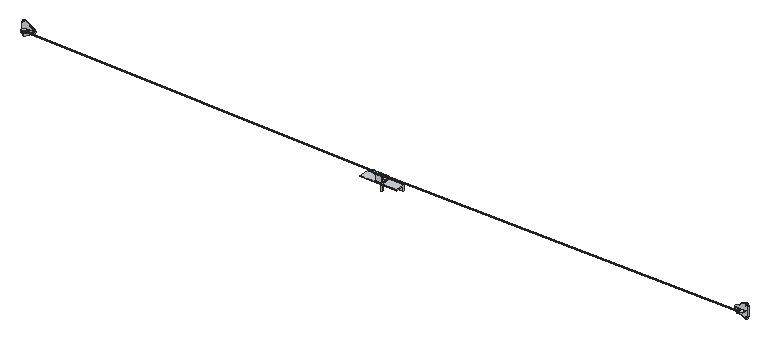
Revit family "FallProtection_StaticLine_Kattsafe_WallMount", category Specialty Equipment, Revit 2025
Family settings
  Round Connector Dimension = Use Diameter
  Part Type = Normal
  OmniClass Number = 23.27.71.21
  Enable Cutting in Views = No
  Cut with Voids When Loaded = No
  Maintain Annotation Orientation = No
  Shared = No
  Room Calculation Point = No
Parameters (values of type "Max 2 Users")
  Uniclass2015Version = "Products v1.23"
  Uniclass2015Title = "Fall arrester devices"
  Uniclass2015Code = "Pr_40_70_75_29"
  URL = "https://kattsafe.com.au/"
  Type IFC Predefined Type = "USERDEFINED"
  Type Comments = "Static Line System - Wall Mount (SL5) - 2 Users Max"
  SafetyDisclaimer [instance] = "WARNING! The correct placement of access, fall protection and facade maintenance systems is critical to ensure it is fit-for-purpose and safe for the operator to use. Did you know Kattsafe® have a dedicated team of Height Safety System Design Specialists? Kattsafe® provide one-on-one consultation and system design assistance to ensure you are meeting the stringent requirements of height safety and to give you PEACE OF MIND with your project."  # constant formula
  ModifiedIssue = 20240430
  Model = "SL5"  # constant formula
  Material = Steel_Stainless_Kattsafe_Satin
  ManufacturerURLProductSpecific = "https://kattsafe.com.au/products/static-lines/Wall-mount-static-line-system-sl5"
  ManufacturerSpecCode = Model  # "SL5"
  ManufacturerOverallLength [instance] = [built-in parameter 1001306]  # 8001 mm
  ManufacturerHeightFromFFL [instance] = 1000 mm
  Manufacturer = "Kattsafe®"  # constant formula
  LineRightOffsetHeightCalc2 [instance] = if(LineOffsetHeightEnd2 > 0 mm, 0 mm, LineRightOffsetHeightCalc1 * 2)  # 0 mm
  LineRightOffsetHeightCalc1 [instance] = if(LineOffsetHeightEnd2 > 0 mm, LineOffsetHeightEnd2, LineOffsetHeightEnd2 - LineOffsetHeightEnd2 * 2)  # 0 mm
  LineOffsetHeightEnd2 [instance] = 0 mm
  LineLeftOffsetHeightCalc2 [instance] = if(LineOffsetHeightEnd1 > 0 mm, 0 mm, LineLeftOffsetHeightCalc1 * 2)  # 0 mm
  LineLeftOffsetHeightCalc1 [instance] = if(LineOffsetHeightEnd1 > 0 mm, LineOffsetHeightEnd1, LineOffsetHeightEnd1 - LineOffsetHeightEnd1 * 2)  # 0 mm
  LineOffsetHeightEnd1 [instance] = 0 mm
  IntermediateSpacingLengthCalc [instance] = if(MaxIntermediateSpacingLength < 5000 mm, 5000 mm, if(MaxIntermediateSpacingLength > 8000 mm, 8000 mm, MaxIntermediateSpacingLength))  # 8000 mm
  MaxIntermediateSpacingLength = 8000 mm
  IntermediateQuantity [instance] = EndLengthCalc3 - 2  # 1
  IntermediateOption [instance] = if(and([built-in parameter 1001306] < (MaxIntermediateSpacingLength * 2) + 1 mm, [built-in parameter 1001306] > MaxIntermediateSpacingLength), 1 > 0, 1 < 0)  # yes
  IntermediateNumberOfCalc3 [instance] = if(and(IntermediateNumberOfCalc1 > IntermediateNumberOfCalc2, [built-in parameter 1001306] > MaxIntermediateSpacingLength * 2), rounddown(IntermediateNumberOfCalc2), if([built-in parameter 1001306] < (MaxIntermediateSpacingLength * 2) + 1 mm, 2, IntermediateNumberOfCalc1))  # 2
  IntermediateNumberOfCalc2 [instance] = ((IntermediateLength - 1 mm) / IntermediateSpacingLengthCalc) + 2  # 1
  IntermediateNumberOfCalc1 [instance] = ((IntermediateLength - 1 mm) / IntermediateSpacingLengthCalc) + 2  # 1
  built-in parameter 1001306 [instance] = 8001 mm
  IntermediateLineOption [instance] = if([built-in parameter 1001306] < ((MaxIntermediateSpacingLength * 2) + 1 mm), 1 < 0, 1 > 0)  # no
  IntermediateLineEndCalcOption [instance] = if([built-in parameter 1001306] < (MaxIntermediateSpacingLength + 1 mm), 1 > 0, 1 < 0)  # no
  IntermediateLength [instance] = [built-in parameter 1001306] - (IntermediateSpacingLengthCalc * 2)  # -7999 mm
  IntermediateLineEndOption [instance] = if([built-in parameter 1001306] < (MaxIntermediateSpacingLength + 1 mm), 1 < 0, 1 > 0)  # yes
  IfcExportType = "USERDEFINED"
  IfcExportAs = "IfcBuildingElementProxy"
  Export Type to IFC As = "IfcBuildingElementProxy"
  EndLengthCalc3 [instance] = if(EndLengthCalc1 > EndLengthCalc2, rounddown(EndLengthCalc2), EndLengthCalc1)  # 3
  EndLengthCalc2 [instance] = (([built-in parameter 1001306] - 1 mm) / MaxIntermediateSpacingLength) + 2  # 3
  EndLengthCalc1 [instance] = (([built-in parameter 1001306] - 1 mm) / MaxIntermediateSpacingLength) + 2  # 3
  EndLength [instance] = [built-in parameter 1001306] / (EndLengthCalc3 - 1)  # 4000.5 mm
  End2Condition [instance] = SL5_End_Option : End Stanchion (SL206)
  End1Condition [instance] = SL5_End_Option : End Stanchion (SL206)
  ElementType = "Fall Protection"
  Description = "Kattsafe fall arrest static lines maintain continuous attachment for multiple workers navigating roof structures at heights. The unique surface mount technology provides the flexibility to mount to many roof deck profiles, without requiring the traditional method of additional structure steel."  # constant formula
  IntermediateArrayOption [instance] = if([built-in parameter 1001306] < (MaxIntermediateSpacingLength * 2) + 1 mm, 1 < 0, 1 > 0)  # no
  Default Elevation = 0 mm
  CreatedBy = "IGS BIM Solutions"  # constant formula
  CreatedByURL = "https://igsgroup.com.au"
  Assembly Code = "E1090100"
Reference planes
  plane 1 "Center (Front/Back)": y = 0
  plane 2 "Bottom": z = 0
  plane 3 "Left": x = 0
  plane 4 "Right": x = 8001
  plane 5 "Intermediate_Array_Left": x = 4000.5
  plane 6 "Intermediate_Array_Right": x = 4000.5
  plane 7 "Intermediate_Line_Centre (Elevation)": z = 1000
  plane 8 "Back": y = 92.5
  plane 9 "End_Left": z = 1000
  plane 10 "End_Left_Calc": z = 1000
  plane 11 "End_Right": z = 1000
  plane 12 "End_Right_Calc": z = 1000
Forms (mm)
  Sweep 1, solid, material "Steel_Stainless_Kattsafe_Satin" <- "Material", visible <- "IntermediateLineOption"
    path origin (329.7, 0, 1000) x (-1, 0, 0) y (0, -1, 0)
      loop
        line (-3669.8, 0) -> (-3671.8, 0)
    profile origin (4000.5, 0, 1000) x (0, 1, 0) y (0, 0, 1)
      loop
        circle (0, 0) r 4
  SweptBlend 2, solid, material "Steel_Stainless_Kattsafe_Satin" <- "Material", visible <- "IntermediateLineEndOption"
    path origin (0, 0, 1000) x (-1, 0, 0) y (0, -1, 0)
      loop
        line (-63.8, -40.1) -> (-4000.5, 0)
    profile origin (63.8, 40.1, 1000) x (0.010186, 0.999948, 0) y (0, 0, 1)
      loop
        circle (0, 0) r 4
    end profile origin (4000.5, 0, 1000) x (0.010186, 0.999948, 0) y (0, 0, 1)
      loop
        circle (0.016, 0) r 4
  SweptBlend 3, solid, material "Steel_Stainless_Kattsafe_Satin" <- "Material", visible <- "IntermediateLineEndOption"
    path origin (0, 0, 1000) x (-1, 0, 0) y (0, -1, 0)
      loop
        line (-4000.5, 0) -> (-7937.2, -40.1)
    profile origin (4000.5, 0, 1000) x (-0.010186, 0.999948, 0) y (0, 0, 1)
      loop
        circle (0, 0) r 4
    end profile origin (7937.2, 40.1, 1000) x (-0.010186, 0.999948, 0) y (0, 0, 1)
      loop
        circle (-0.002, 0) r 4
  SweptBlend 4, solid, material "Steel_Stainless_Kattsafe_Satin" <- "Material", visible <- "IntermediateLineEndCalcOption"
    path origin (0, 0, 1000) x (-1, 0, 0) y (0, -1, 0)
      loop
        line (-63.8, -40.1) -> (-7937.2, -40.1)
    profile origin (63.8, 40.1, 1000) x (0, 1, 0) y (0, 0, 1)
      loop
        circle (0, 0) r 4
    end profile origin (7937.2, 40.1, 1000) x (0, 1, 0) y (0, 0, 1)
      loop
        circle (0, 0) r 4
Lines and regions (mm)
  reference lines
    curve 1: line (0, 0, 0) -> (8001, 0, 0)
    curve 2: line (0, -500, 0) -> (0.961, -500, 0)
    curve 3: line (8001, -2000, 0) -> (7999.961, -2000, 0)
    curve 4: line (0, 92.5, 1000) -> (1, 92.5, 1000)
    curve 5: line (8001, 92.5, 1000) -> (8000, 92.5, 1000)
Text (mm)
  text "Disclaimer:\nDue to ongoing product development and manufacturing \nevolution, product details are subject to change without \nnotice. Please refer to product technical data sheets on \nthe manufacturers website for the most current product \ninformation. Please allow a +/- 5mm manufacturing \ntolerance for dimensions and set-outs shown in product \nliterature." at (12819.531, 3509.039, 0), in view "Ref. Level"
Dimensions and locks
  "built-in parameter 1001306": plane 3 "Left" to plane 4 "Right"
  "EndLength": plane 3 "Left" to plane 5 "Intermediate_Array_Left"
  "EndLength": plane 6 "Intermediate_Array_Right" to plane 4 "Right"
  locked: plane 5 "Intermediate_Array_Left" to Sweep 1 sketch curve at 1
  locked: plane 6 "Intermediate_Array_Right" to Sweep 1 sketch curve at 1
  "ManufacturerHeightFromFFL": plane 7 "Intermediate_Line_Centre (Elevation)" to plane 2 "Bottom"
  group 1 to group 2 = 0 mm  (x3)
  "LineLeftOffsetHeightCalc2": plane 7 "Intermediate_Line_Centre (Elevation)" to plane 10 "End_Left_Calc"
  "LineLeftOffsetHeightCalc1": plane 9 "End_Left" to plane 10 "End_Left_Calc"
  "LineRightOffsetHeightCalc2": plane 7 "Intermediate_Line_Centre (Elevation)" to plane 12 "End_Right_Calc"
  "LineRightOffsetHeightCalc1": plane 11 "End_Right" to plane 12 "End_Right_Calc"
  radius of Sweep 1 sketch curve = 4 mm
  aligned and locked: plane 4 "Right" to curve 1
  aligned and locked: plane 1 "Center (Front/Back)" to curve 1
  aligned and locked: plane 3 "Left" to curve 1
  aligned and locked: level to plane 2 "Bottom"
  aligned and locked: plane 5 "Intermediate_Array_Left" to SweptBlend 2 sketch curve
  aligned and locked: plane 7 "Intermediate_Line_Centre (Elevation)" to SweptBlend 2 sketch curve
  aligned and locked: curve 3 to plane 4 "Right"
  aligned and locked: plane 6 "Intermediate_Array_Right" to SweptBlend 3 sketch curve
  aligned and locked: profile plane to SweptBlend 3 sketch curve
  aligned and locked: plane 8 "Back" to nested 1
  aligned and locked: plane 5 "Intermediate_Array_Left" to nested 1
  aligned and locked: plane 6 "Intermediate_Array_Right" to nested 3
  aligned and locked: plane 8 "Back" to nested 3
  aligned and locked: plane 8 "Back" to nested 2
  aligned and locked: plane 5 "Intermediate_Array_Left" to nested 2
  aligned and locked: plane 3 "Left" to curve 4
  aligned and locked: curve 4 to plane 9 "End_Left"
  aligned and locked: plane 3 "Left" to nested 4
  aligned and locked: nested 4 to plane 9 "End_Left"
  aligned and locked: nested 2 to plane 7 "Intermediate_Line_Centre (Elevation)"
  aligned and locked: nested 3 to plane 7 "Intermediate_Line_Centre (Elevation)"
  aligned and locked: nested 1 to plane 7 "Intermediate_Line_Centre (Elevation)"
  aligned and locked: nested 4 to SweptBlend 2 sketch curve  (x3)
  aligned and locked: nested 4 to SweptBlend 4 sketch curve  (x3)
  aligned and locked: plane 4 "Right" to curve 5
  aligned and locked: plane 11 "End_Right" to curve 5
  aligned and locked: plane 4 "Right" to nested 5
  aligned and locked: plane 11 "End_Right" to nested 5
  aligned and locked: nested 5 to SweptBlend 3 sketch curve  (x3)
  aligned and locked: nested 5 to SweptBlend 4 sketch curve  (x3)
  aligned and locked: plane 1 "Center (Front/Back)" to SweptBlend 3 sketch curve
Automatic sketch dimensions
  Sweep 1 sketch curve to profile plane = 0 mm  (x2)
  plane 1 "Center (Front/Back)" to Sweep 1 sketch curve = 0 mm
  SweptBlend 2 sketch curve to profile plane = 0 mm
  SweptBlend 2 sketch curve to profile plane = 0.016 mm
  plane 3 "Left" to curve 2 = 0.961 mm
  curve 3 to plane 4 "Right" = 1.039 mm
  profile plane to SweptBlend 3 sketch curve = 0 mm
  profile plane to SweptBlend 3 sketch curve = 0.002 mm
  curve 2 to plane 3 "Left" = 0 mm
  SweptBlend 4 sketch curve to profile plane = 0 mm
  profile plane to SweptBlend 4 sketch curve = 0 mm
  plane 1 "Center (Front/Back)" to curve 2 = 500 mm
  plane 1 "Center (Front/Back)" to curve 3 = 2000 mm
  plane 1 "Center (Front/Back)" to SweptBlend 2 sketch curve = 0 mm
  curve 5 to plane 4 "Right" = 1 mm
  plane 3 "Left" to curve 4 = 1 mm
  radius of SweptBlend 2 sketch curve = 4 mm  (x2)
  radius of SweptBlend 3 sketch curve = 4 mm  (x2)
  radius of SweptBlend 4 sketch curve = 4 mm  (x2)
Nested families
  nested 1: "Static Line Fixing_Kattsafe_Wall Mount Intermediate" at (4000.5, 92.5, 844) x (1, 0, 0) z (0, -1, 0), visible <- "IntermediateArrayOption", type "SL210W"
    with Offset From Face 0 mm
  nested 2: "Static Line Fixing_Kattsafe_Wall Mount Intermediate" at (4000.5, 92.5, 844) x (1, 0, 0) z (0, -1, 0), visible <- "IntermediateOption", type "SL210W"
    with Offset From Face 0 mm
  nested 3: "Static Line Fixing_Kattsafe_Wall Mount Intermediate" at (4000.5, 92.5, 844) x (1, 0, 0) z (0, -1, 0), visible <- "IntermediateArrayOption", type "SL210W"
    with Offset From Face 0 mm
  nested 4: "SL5_End_Option" at (1162, 92.5, 961) x (1, 0, 0) z (0, -1, 0), type <- "End1Condition", type "End Stanchion (SL206)"
    with End Stanchion_Option yes, Corner_Outside_Option no
  nested 5: "SL5_End_Option" at (6839, 92.5, 961) x (-1, 0, 0) z (0, -1, 0), type <- "End2Condition", type "End Stanchion (SL206)"
    with End Stanchion_Option yes, Corner_Outside_Option no
Definition of nested family "Static Line Fixing_Kattsafe_Wall Mount Intermediate"
  Parameters (values of type "SL210W")
    URL = "https://kattsafe.com.au/"
    Offset From Face [instance] = 0 mm
    Model = "SL210W"
    Material = none
    ManufacturerURLProductSpecific = ""
    ManufacturerOverallWidth = 190 mm  # constant formula
    ManufacturerOverallHeight = 75 mm  # constant formula
    ManufacturerOverallDepth = 193 mm  # constant formula
    Manufacturer = "SAYFA"  # constant formula
    Description = "TRAVEL8 Wall Mount Intermediate Bracket - 1.1kg"
    Default Elevation = 0 mm  # constant formula
    CreatedBy = "IGS BIM Solutions"  # constant formula
    CreatedByURL = "https://igsgroup.com.au/"
  Reference planes
    plane 1 "Plate_Top": y = 67
    plane 2 "Ref. Level": z = 0
    plane 3 "Center (Left/Right)": x = 0
    plane 4 "Front": y = -29.5
    plane 5 "Back": y = 163.5
    plane 6 "Right": x = 95
    plane 7 "Left": x = -95
    plane 8 "Anchor Plate Top": z = 6
    plane 9 "Center (Front/Back)": z = 92.5
    plane 10 "Base": z = 0
    plane 11 "Top": z = 100
    plane 12 "Centre of Bolt": z = 51.362
    plane 13 "Bottom Of Corner": z = 25
    plane 14 "Center (Elevation)": y = 156
  Forms (mm)
    Extrusion 1, solid
      sketch origin (0, 0, 0) x (1, 0, 0) y (0, 1, 0)
        loop
          line (-95, 45.5) -> (-95, -29.5) -> (95, -29.5) -> (95, 45.5) -> (-95, 45.5)
      from 0 to -100
    Extrusion 2, solid, material <- "Material"
      sketch origin (0, 0, 0) x (0, 1, 0) y (0, 0, 1)
        loop
          line (67, 25) -> (70, 25) -> (70, 89)
          arc (70, 89) -> (70.879, 91.121) -> (73, 92) r 3
          line (73, 92) -> (140.694, 92)
          arc (140.694, 92) -> (141.215, 91.954) -> (141.72, 91.819) r 3
          line (141.72, 91.819) -> (149.249, 89.234)
          arc (149.249, 89.234) -> (148.69, 90.825) -> (148.5, 92.5) r 7.5
          arc (148.5, 92.5) -> (148.897, 94.907) -> (150.045, 97.059) r 7.5
          line (150.045, 97.059) -> (141.72, 95.181)
          arc (141.72, 95.181) -> (141.215, 95.046) -> (140.694, 95) r 3
          line (140.694, 95) -> (70, 95)
          arc (70, 95) -> (67.879, 94.121) -> (67, 92) r 3
          line (67, 92) -> (67, 25)
      from -40 to 40
    Revolve 3, solid, material <- "Material"
      sketch origin (0, 73, 51.362) x (0, 1, 0) y (-1, 0, 0)
        loop
          line (-102.5, 0) -> (-102.5, -6) -> (27.5, -6) -> (27.5, 0) -> (-102.5, 0)
        axis (27.5, 0) -> (-102.5, 0)
      angle from 0 to 360
    Extrusion 4, solid, material <- "Material"
      sketch origin (0, 70, 89) x (0, 0, -1) y (-1, 0, 0)
        loop
          circle (37.638, 0) r 16
        loop
          circle (37.638, 0) r 6
      from 0 to 3
    Extrusion 5, solid, material <- "Material"
      sketch origin (0, 73, 89) x (0, 0, -1) y (-1, 0, 0)
        loop
          circle (37.638, 0) r 9
        loop
          circle (37.638, 0) r 6
      from 0 to 3
    Extrusion 6, solid, material <- "Material"
      sketch origin (0, 76, 89) x (0, 0, -1) y (-1, 0, 0)
        loop
          line (30.638, 4.041) -> (30.638, -4.041) -> (37.638, -8.083) -> (44.638, -4.041) -> (44.638, 4.041) -> (37.638, 8.083) -> (30.638, 4.041)
        loop
          circle (37.638, 0) r 6
      from 0 to 6
    Sweep 7, solid, material <- "Material"
      path origin (370.395, -43.194, 0) x (0, 1, 0) y (-1, 0, 0)
        loop
          line (110.194, 570.395) -> (110.194, 170.395)
      profile origin (0, 67, 0) x (0, 1, 0) y (0, 0, 1)
        loop
          line (-50, 0) -> (0, 0) -> (0, 100) -> (-6, 100) -> (-6, 6) -> (-50, 6) -> (-50, 0)
    Revolve 8, solid, material <- "Material"
      sketch origin (-1524, 277.61, 92.5) x (-1, 0, 0) y (0, -1, 0)
        loop
          line (-1619, 116.61) -> (-1609.919, 114.845)
          arc (-1609.919, 114.845) -> (-1606.121, 114.294) -> (-1602.287, 114.11) r 40
          line (-1602.287, 114.11) -> (-1445.713, 114.11)
          arc (-1445.713, 114.11) -> (-1441.879, 114.294) -> (-1438.081, 114.845) r 40
          line (-1438.081, 114.845) -> (-1429, 116.61) -> (-1619, 116.61)
        axis (-1429, 121.61) -> (-1619, 121.61)
      angle from 0 to 360
    Extrusion 9, void
      sketch origin (0, 70, 89) x (0, 0, -1) y (-1, 0, 0)
        loop
          line (64, -40) -> (64, -10)
          arc (64, -10) -> (55.213, -31.213) -> (34, -40) r 30
          line (34, -40) -> (64, -40)
        loop
          line (64, 40) -> (34, 40)
          arc (34, 40) -> (55.213, 31.213) -> (64, 10) r 30
          line (64, 10) -> (64, 40)
      from -3 to 0
    Extrusion 10, void
      sketch origin (0, 70, 95) x (0, 1, 0) y (-1, 0, 0)
        loop
          line (3, -40) -> (69.626, -40)
          arc (69.626, -40) -> (36.313, -30.78) -> (3, -40) r 64.791
        loop
          arc (3, 40) -> (36.313, 30.78) -> (69.626, 40) r 64.791
          line (69.626, 40) -> (3, 40)
      from -3 to 0
  Cuts and joins
    Extrusion 9, Extrusion 10 cuts Extrusion 2
    joined: Revolve 3, Sweep 7
  Text (mm)
    text "> Contact Manufacturer to confirm feasibility of design variations outside the scope of this Revit Family\n\nDisclaimer:\nDue to ongoing product development and manufacturing evolution, product details are subject to change without notice. Please refer to product technical data sheets on the manufacturers website for the most current product information. Please allow a +/- 5mm manufacturing tolerance for dimensions and set-outs shown in product literature." at (269.621, 156.171, 0), in view "Ref. Level"
  Dimensions and locks
    "Offset From Face": plane 10 "Base" to level
    locked: plane 10 "Base" to plane 8 "Anchor Plate Top" at 6
    "ManufacturerOverallDepth": plane 5 "Back" to plane 4 "Front"
    equal spacing: plane 4 "Front", plane 1 "Plate_Top", plane 5 "Back"
    "ManufacturerOverallWidth": plane 7 "Left" to plane 6 "Right"
    equal spacing: plane 7 "Left", plane 3 "Center (Left/Right)", plane 6 "Right"
    locked: plane 10 "Base" to plane 11 "Top" at 100
    locked: plane 13 "Bottom Of Corner" to plane 11 "Top" at 75
    locked: plane 9 "Center (Front/Back)" to plane 11 "Top" at 7.5
    locked: plane 11 "Top" to plane 12 "Centre of Bolt" at 48.638
    aligned and locked: plane 2 "Ref. Level" to Extrusion 1
    aligned and locked: level to Extrusion 1
    aligned and locked: Extrusion 2 to Extrusion 9
    aligned and locked: Extrusion 9 to Extrusion 2
    aligned and locked: Extrusion 10 to cut or joined group of Extrusion 2, Extrusion 9, Extrusion 10
    aligned and locked: cut or joined group of Extrusion 2, Extrusion 9, Extrusion 10 to Extrusion 10
  Automatic sketch dimensions
    Extrusion 1 sketch curve to Extrusion 1 sketch curve = 190 mm
    Extrusion 1 sketch curve to Extrusion 1 sketch curve = 75 mm
    Extrusion 4 sketch curve to Extrusion 4 sketch curve = 0 mm  (x2)
    Extrusion 4 sketch curve to Extrusion 2 = 26.362 mm
    Extrusion 2 to Extrusion 4 sketch curve = 40 mm
    Extrusion 6 sketch curve to Extrusion 6 sketch curve = 0 mm  (x2)
    Extrusion 6 sketch curve to Extrusion 6 sketch curve = 7 mm  (x2)
    Extrusion 6 sketch curve to Extrusion 6 sketch curve = 4.041 mm  (x3)
    Extrusion 6 sketch curve to Extrusion 6 sketch curve = 8.083 mm  (x3)
    Sweep 7 sketch curve to plane 1 "Plate_Top" = 0 mm
    Sweep 7 sketch curve to plane 6 "Right" = 105 mm
    Sweep 7 sketch curve to plane 7 "Left" = 105 mm
    plane 10 "Base" to Sweep 7 sketch curve = 0 mm
    profile plane to Sweep 7 sketch curve = 50 mm
    Sweep 7 sketch curve to plane 10 "Base" = 6 mm
    Sweep 7 sketch curve to Sweep 7 sketch curve = 6 mm
    profile plane to Sweep 7 sketch curve = 0 mm
    Sweep 7 sketch curve to Sweep 7 sketch curve = 94 mm
    Extrusion 2 sketch curve to plane 1 "Plate_Top" = 0 mm
    plane 13 "Bottom Of Corner" to Extrusion 2 sketch curve = 0 mm
    plane 9 "Center (Front/Back)" to Extrusion 2 sketch curve = 0 mm
    Extrusion 2 sketch curve to plane 1 "Plate_Top" = 3 mm  (x2)
    Extrusion 2 sketch curve to Extrusion 2 sketch curve = 3 mm
    plane 9 "Center (Front/Back)" to Extrusion 2 sketch curve = 0.5 mm  (x2)
    Extrusion 2 sketch curve to Extrusion 2 sketch curve = 0 mm  (x2)
    plane 9 "Center (Front/Back)" to Extrusion 2 sketch curve = 0.681 mm
    Extrusion 2 sketch curve to Extrusion 2 sketch curve = 1.026 mm  (x2)
    plane 9 "Center (Front/Back)" to Extrusion 2 sketch curve = 3.266 mm
    Extrusion 2 sketch curve to Extrusion 2 sketch curve = 7.528 mm
    Extrusion 2 sketch curve to plane 9 "Center (Front/Back)" = 2.681 mm
    plane 11 "Top" to Extrusion 2 sketch curve = 2.941 mm
    plane 5 "Back" to Extrusion 2 sketch curve = 7.5 mm
    Extrusion 2 sketch curve to Extrusion 2 sketch curve = 9.351 mm
    Revolve 3 sketch curve to plane 3 "Center (Left/Right)" = 0 mm  (x2)
    Revolve 3 sketch curve to plane 4 "Front" = 0 mm
    Revolve 3 sketch curve to plane 1 "Plate_Top" = 33.5 mm
    plane 3 "Center (Left/Right)" to Revolve 3 sketch curve = 6 mm
    Revolve 3 sketch curve to Revolve 3 sketch curve = 19 mm
    Revolve 3 sketch curve to Revolve 3 sketch curve = 30 mm
    Extrusion 9 sketch curve to Extrusion 2 = 0 mm  (x3)
    Extrusion 2 to Extrusion 9 sketch curve = 0 mm
    Extrusion 9 sketch curve to Extrusion 9 sketch curve = 30 mm
    Extrusion 9 sketch curve to Extrusion 9 sketch curve = 0 mm
    Extrusion 10 sketch curve to Extrusion 2 = 0 mm  (x2)
    Extrusion 2 to Extrusion 10 sketch curve = 3 mm  (x2)
    Extrusion 10 sketch curve to Extrusion 2 = 34.381 mm  (x2)
    Extrusion 10 sketch curve to Extrusion 2 = 55.57 mm  (x2)
    Revolve 8 sketch curve to plane 6 "Right" = 0 mm
    plane 5 "Back" to Revolve 8 sketch curve = 0 mm
    Revolve 8 sketch curve to plane 7 "Left" = 0 mm
    plane 6 "Right" to Revolve 8 sketch curve = 0 mm
    plane 5 "Back" to Revolve 8 sketch curve = 0.735 mm  (x2)
    plane 6 "Right" to Revolve 8 sketch curve = 9.081 mm
    plane 6 "Right" to Revolve 8 sketch curve = 16.713 mm
    plane 7 "Left" to Revolve 8 sketch curve = 16.713 mm
    Revolve 8 sketch curve to Revolve 8 sketch curve = 7.632 mm
    plane 7 "Left" to Revolve 8 sketch curve = 0 mm
    plane 5 "Back" to Revolve 8 sketch curve = 2.5 mm
    Revolve 8 sketch curve to Revolve 8 sketch curve = 5 mm
    radius of Extrusion 4 sketch curve = 16 mm
    radius of Extrusion 4 sketch curve = 6 mm
    radius of Extrusion 4 to Extrusion 5 sketch curve = 3 mm
    radius of Extrusion 5 sketch curve to Extrusion 4 = 0 mm
    radius of Extrusion 6 sketch curve to Extrusion 5 = 0 mm
Definition of nested family "SL5_End_Option"
  Parameters (values of type "None")
    URL = "https://kattsafe.com.au/"
    None_Option = if(and(End_Option > 0, End_Option < 4), 1 < 0, 1 > 0)  # yes
    Model = ""
    Material = none
    ManufacturerURLProductSpecific = ""
    End_Option = 0
    Manufacturer = "Kattsafe®"  # constant formula
    End Stanchion_Option [instance] = if(End_Option = 1, 1 > 0, 1 < 0)  # no
    Description = ""
    Default Elevation = 0 mm  # constant formula
    CreatedBy = "IGS BIM Solutions"  # constant formula
    CreatedByURL = "https://igsgroup.com.au/"
    Corner_Outside_Option [instance] = if(End_Option = 2, 1 > 0, 1 < 0)  # no
    Corner_Intside_Option = if(End_Option = 3, 1 > 0, 1 < 0)  # no
    Cable_Offset_Length = 1 mm
    Cable_Offset_Height = 5 mm
  Types (4, lengths in mm): name | None_Option | End_Option | End Stanchion_Option | Corner_Outside_Option | Corner_Intside_Option | Cable_Offset_Length | Cable_Offset_Height
    None | yes | 0 | no | no | no | 1 | 5
    Corner_Inside (SL224W) | no | 3 | no | no | yes | 454 | 5
    Corner_Outside (SL224W) | no | 2 | no | yes | no | 268.97 | 5
    End Stanchion (SL206) | no | 1 | yes | no | no | 63.8 | 45.1
  Reference planes
    plane 1 "Center (Elevation)": y = 39
    plane 2 "Ref. Level": z = 0
    plane 3 "Left": x = -1162
    plane 4 "Bottom": z = 0
    plane 5 "Top": z = 97.5
    plane 6 "Center (Front/Back)": z = 92.5
    plane 7 "Right": x = -1161
  Forms (mm)
    Extrusion 1, solid
      sketch origin (0, 0, 0) x (1, 0, 0) y (0, 1, 0)
        loop
          line (-1162, 401) -> (-1162, -323) -> (-117, -323) -> (-117, 401) -> (-1162, 401)
      from 0 to -324
  Lines and regions (mm)
    model lines, visible <- "None_Option"
      curve 1: line (-1161, 39, 0) -> (-1162, 39, 0)
      curve 2: line (-1161, 39, 0) -> (-1161, 40, 0)
      curve 3: line (-1161, 40, 0) -> (-1162, 40, 0)
      curve 4: line (-1162, 40, 0) -> (-1162, 39, 0)
  Dimensions and locks
    locked: plane 5 "Top" to plane 4 "Bottom" at 97.5
    "Cable_Offset_Height": plane 5 "Top" to plane 6 "Center (Front/Back)"
    plane 4 "Bottom" to plane 2 "Ref. Level" = 0 mm
    "Cable_Offset_Length": plane 3 "Left" to plane 7 "Right"
    aligned and locked: Extrusion 1 to plane 2 "Ref. Level"
    aligned and locked: Extrusion 1 to level
    aligned and locked: plane 7 "Right" to curve 1
    aligned and locked: plane 3 "Left" to curve 1
    aligned and locked: plane 1 "Center (Elevation)" to nested 1
    aligned and locked: plane 3 "Left" to nested 1
    aligned and locked: plane 3 "Left" to nested 2
    aligned and locked: nested 2 to plane 1 "Center (Elevation)"
  Automatic sketch dimensions
    Extrusion 1 sketch curve to Extrusion 1 sketch curve = 1045 mm
    Extrusion 1 sketch curve to Extrusion 1 sketch curve = 724 mm
    plane 1 "Center (Elevation)" to curve 1 = 0 mm
    curve 3 to plane 1 "Center (Elevation)" = 1 mm
  Nested families
    nested 1: "Static Line Fixing_Kattsafe_Concrete And Steel Bolt On End Stanchion" at (-1092, 31, 0), visible <- "End Stanchion_Option", type "SL206"
      with Offset From Face 0 mm
    nested 2: "Static Line Fixing_Kattsafe_Wall Mount Corner" at (-988, -117, 0) x (-1, 0, 0) z (0, 0, 1), visible <- "Corner_Outside_Option", type "SL224W"
      with Offset From Face 0 mm
    nested 3: "Static Line Fixing_Kattsafe_Wall Mount Corner_Inside" at (-977, -117, -174) x (0, 0, 1) z (-1, 0, 0), visible <- "Corner_Intside_Option", type "SL224W"
      with Offset From Face 0 mm
  Definition of nested family "Static Line Fixing_Kattsafe_Concrete And Steel Bolt On End Stanchion"
    Parameters (values of type "SL206")
      URL = "https://sayfa.com.au/"
      Offset From Face [instance] = 0 mm
      Model = "SL206"
      Material = none
      ManufacturerURLProductSpecific = "https://sayfa.com.au/products/static-line-systems/"
      ManufacturerOverallWidth = 140 mm  # constant formula
      ManufacturerOverallHeight = 70 mm  # constant formula
      ManufacturerOverallDepth = 155 mm  # constant formula
      Manufacturer = "SAYFA"  # constant formula
      Description = "TRAVEL8 Bolt-On End Stanchion Anchor - Steel or concrete - 0.8kg"
      Default Elevation = 0 mm  # constant formula
      CreatedBy = "IGS BIM Solutions"  # constant formula
      CreatedByURL = "https://igsgroup.com.au/"
    Reference planes
      plane 1 "Center (Front/Back)": y = 8
      plane 2 "Ref. Level": z = 0
      plane 3 "Center (Left/Right)": x = 0
      plane 4 "Front": y = -69.5
      plane 5 "Back": y = 85.5
      plane 6 "Right": x = 70
      plane 7 "Left": x = -70
      plane 8 "Bottom": z = 0
      plane 9 "Top": z = 70
      plane 10 "Line_Centre (Left/Right)": x = -6.25
      plane 11 "Line_Centre (Elevation)": z = 52.424
    Forms (mm)
      Extrusion 1, solid
        sketch origin (0, 0, 0) x (1, 0, 0) y (0, 1, 0)
          loop
            line (-70, 85.5) -> (-70, -69.5) -> (70, -69.5) -> (70, 85.5) -> (-70, 85.5)
        from 0 to -100
      Extrusion 2, solid, material <- "Material"
        sketch origin (0, 0, 0) x (0, 1, 0) y (-1, 0, 0)
          loop
            line (60.321, 70) -> (-45.046, 70)
            arc (-45.046, 70) -> (-66.247, 57.778) -> (-66.295, 33.305) r 24.5
            line (-66.295, 33.305) -> (-14.466, -57.007)
            arc (-14.466, -57.007) -> (7.865, -69.977) -> (30.264, -57.123) r 25.825
            line (30.264, -57.123) -> (82.112, 32.143)
            arc (82.112, 32.143) -> (82.161, 57.372) -> (60.321, 70) r 25.2
          loop
            circle (8, -56.25) r 8
          loop
            circle (71.283, 52.705) r 8
          loop
            circle (-55.283, 52.705) r 8
        from 0 to 6
      Extrusion 3, solid, material <- "Material"
        sketch origin (0, 8, 0) x (1, 0, 0) y (0, 0, 1)
          loop
            line (-47.034, 6) -> (36.966, 6)
            arc (36.966, 6) -> (34.524, 13.482) -> (28.311, 18.314) r 13.441
            line (28.311, 18.314) -> (11.049, 24.887)
            arc (11.049, 24.887) -> (4.943, 31.664) -> (6.878, 40.578) r 10
            arc (6.878, 40.578) -> (9.239, 59.694) -> (-7.034, 70) r 18
            line (-7.034, 70) -> (-34.034, 70)
            arc (-34.034, 70) -> (-43.226, 66.192) -> (-47.034, 57) r 13
            line (-47.034, 57) -> (-47.034, 6)
          loop
            line (-11.112, 44.424) -> (-3.112, 44.424)
            arc (-3.112, 44.424) -> (4.888, 52.424) -> (-3.112, 60.424) r 8
            line (-3.112, 60.424) -> (-11.112, 60.424)
            arc (-11.112, 60.424) -> (-19.112, 52.424) -> (-11.112, 44.424) r 8
        from -3 to 3
    Text (mm)
      text "> Contact Manufacturer to confirm feasibility of design variations outside the scope of this Revit Family\n\nDisclaimer:\nDue to ongoing product development and manufacturing evolution, product details are subject to change without notice. Please refer to product technical data sheets on the manufacturers website for the most current product information. Please allow a +/- 5mm manufacturing tolerance for dimensions and set-outs shown in product literature." at (127.048, 107.362, 0), in view "Ref. Level"
    Dimensions and locks
      "ManufacturerOverallWidth": plane 7 "Left" to plane 6 "Right"
      "ManufacturerOverallDepth": plane 5 "Back" to plane 4 "Front"
      "ManufacturerOverallHeight": plane 9 "Top" to plane 8 "Bottom"
      "Offset From Face": plane 8 "Bottom" to plane 2 "Ref. Level"
      equal spacing: plane 7 "Left", plane 3 "Center (Left/Right)", plane 6 "Right"
      equal spacing: plane 4 "Front", plane 1 "Center (Front/Back)", plane 5 "Back"
      locked: plane 7 "Left" to plane 10 "Line_Centre (Left/Right)" at 63.75
      locked: plane 11 "Line_Centre (Elevation)" to plane 9 "Top" at 17.576
      aligned and locked: plane 2 "Ref. Level" to Extrusion 1
      aligned and locked: level to Extrusion 1
      aligned and locked: Extrusion 3 sketch curve to Extrusion 2
    Automatic sketch dimensions
      Extrusion 1 sketch curve to Extrusion 1 sketch curve = 140 mm
      Extrusion 1 sketch curve to Extrusion 1 sketch curve = 155 mm
      Extrusion 3 sketch curve to plane 9 "Top" = 0 mm
      plane 9 "Top" to Extrusion 3 sketch curve = 13 mm
      plane 7 "Left" to Extrusion 3 sketch curve = 22.966 mm
      Extrusion 3 sketch curve to plane 3 "Center (Left/Right)" = 11.112 mm
      Extrusion 3 sketch curve to Extrusion 3 sketch curve = 4.078 mm
      Extrusion 3 sketch curve to plane 3 "Center (Left/Right)" = 3.112 mm
      plane 3 "Center (Left/Right)" to Extrusion 3 sketch curve = 11.049 mm
      Extrusion 3 sketch curve to Extrusion 3 sketch curve = 3.559 mm
      Extrusion 3 sketch curve to plane 8 "Bottom" = 5.753 mm
      Extrusion 3 sketch curve to Extrusion 3 sketch curve = 12.479 mm
      Extrusion 3 sketch curve to Extrusion 3 sketch curve = 4.783 mm
      Extrusion 3 sketch curve to Extrusion 3 sketch curve = 12.561 mm
      Extrusion 3 sketch curve to Extrusion 3 sketch curve = 6.573 mm
      Extrusion 3 sketch curve to Extrusion 3 sketch curve = 9.345 mm
      plane 9 "Top" to Extrusion 3 sketch curve = 25.576 mm
      Extrusion 3 sketch curve to Extrusion 3 sketch curve = 7.576 mm
      Extrusion 3 sketch curve to Extrusion 3 sketch curve = 0.424 mm
      plane 1 "Center (Front/Back)" to Extrusion 2 sketch curve = 0 mm
      plane 1 "Center (Front/Back)" to Extrusion 2 sketch curve = 0.068 mm
      plane 6 "Right" to Extrusion 2 sketch curve = 12.993 mm
      plane 1 "Center (Front/Back)" to Extrusion 2 sketch curve = 22.466 mm
      plane 4 "Front" to Extrusion 2 sketch curve = 24.454 mm
      Extrusion 2 sketch curve to Extrusion 2 sketch curve = 10.238 mm
      plane 4 "Front" to Extrusion 2 sketch curve = 3.205 mm
      plane 6 "Right" to Extrusion 2 sketch curve = 12.877 mm
      Extrusion 2 sketch curve to plane 1 "Center (Front/Back)" = 22.264 mm
      Extrusion 2 sketch curve to plane 7 "Left" = 0 mm
      plane 5 "Back" to Extrusion 2 sketch curve = 25.179 mm
      Extrusion 2 sketch curve to Extrusion 2 sketch curve = 10.963 mm
      plane 5 "Back" to Extrusion 2 sketch curve = 3.388 mm
      Extrusion 2 sketch curve to Extrusion 2 sketch curve = 12.098 mm
      Extrusion 2 sketch curve to plane 10 "Line_Centre (Left/Right)" = 25.893 mm
      Extrusion 2 sketch curve to plane 10 "Line_Centre (Left/Right)" = 27.055 mm
      Extrusion 2 sketch curve to Extrusion 2 sketch curve = 7.205 mm
      Extrusion 2 sketch curve to Extrusion 2 sketch curve = 7.905 mm
      radius of Extrusion 2 sketch curve = 8 mm  (x3)
  Definition of nested family "Static Line Fixing_Kattsafe_Wall Mount Corner"
    Parameters (values of type "SL224W")
      URL = "https://sayfa.com.au/"
      Offset From Face [instance] = 0 mm
      Model = "SL224W"
      Material = none
      ManufacturerURLProductSpecific = "https://sayfa.com.au/products/static-line-systems/"
      ManufacturerOverallWidth = 369 mm  # constant formula
      ManufacturerOverallHeight = 193 mm  # constant formula
      ManufacturerOverallDepth = 369 mm  # constant formula
      Manufacturer = "SAYFA"  # constant formula
      Description = "TRAVEL8 Wall Mount 90° Corner Module - 2.4kg"
      Default Elevation = 0 mm  # constant formula
      CreatedBy = "IGS BIM Solutions"  # constant formula
      CreatedByURL = "https://igsgroup.com.au/"
    Reference planes
      plane 1 "Center (Front/Back)": y = 67
      plane 2 "Ref. Level": z = 0
      plane 3 "Center (Left/Right)": x = 0
      plane 4 "Front": y = -29.5
      plane 5 "Back": y = 163.5
      plane 6 "Right of Anchor": x = 95
      plane 7 "Left": x = -95
      plane 8 "Anchor Plate Top": z = 6
      plane 9 "Centre of Front Anchor": z = 92.5
      plane 10 "Base_Front": z = 0
      plane 11 "Top": z = 100
      plane 12 "Centre of Front Bolt": z = 51.362
      plane 13 "Bottom Of Corner": z = 25
      plane 14 "Right": x = 274
      plane 15 "Anchor Edge": z = -269
      plane 16 "Back Bolt": z = -174
      plane 17 "Anchor Plate Edge": z = -24
      plane 18 "Bottom": z = -324
      plane 19 "Centre of Back Anchor": x = 266.5
      plane 20 "Centre of Back Bolt": x = 225.362
      plane 21 "Line_Centre (Front/Back)": y = 156
      plane 22 "Base_Left": x = 174
    Forms (mm)
      Extrusion 1, solid
        sketch origin (0, 0, 0) x (1, 0, 0) y (0, 1, 0)
          loop
            line (-484.525, 45.5) -> (-484.525, -29.5) -> (174, -29.5) -> (174, 45.5) -> (-484.525, 45.5)
        from 0 to -636.504
      Extrusion 2, solid, material <- "Material"
        sketch origin (0, 0, 0) x (0, 1, 0) y (0, 0, 1)
          loop
            line (67, 25) -> (70, 25) -> (70, 89)
            arc (70, 89) -> (70.879, 91.121) -> (73, 92) r 3
            line (73, 92) -> (140.694, 92)
            arc (140.694, 92) -> (141.215, 91.954) -> (141.72, 91.819) r 3
            line (141.72, 91.819) -> (149.249, 89.234)
            arc (149.249, 89.234) -> (148.69, 90.825) -> (148.5, 92.5) r 7.5
            arc (148.5, 92.5) -> (148.897, 94.907) -> (150.045, 97.059) r 7.5
            line (150.045, 97.059) -> (141.72, 95.181)
            arc (141.72, 95.181) -> (141.215, 95.046) -> (140.694, 95) r 3
            line (140.694, 95) -> (70, 95)
            arc (70, 95) -> (67.879, 94.121) -> (67, 92) r 3
            line (67, 92) -> (67, 25)
        from -40 to 40
      Revolve 3, solid, material <- "Material"
        sketch origin (0, 73, 51.362) x (0, 1, 0) y (-1, 0, 0)
          loop
            line (-102.5, 0) -> (-102.5, -6) -> (27.5, -6) -> (27.5, 0) -> (-102.5, 0)
          axis (27.5, 0) -> (-102.5, 0)
        angle from 0 to 360
      Extrusion 4, solid, material <- "Material"
        sketch origin (0, 70, 89) x (0, 0, -1) y (-1, 0, 0)
          loop
            circle (37.638, 0) r 16
          loop
            circle (37.638, 0) r 6
        from 0 to 3
      Extrusion 5, solid, material <- "Material"
        sketch origin (0, 73, 89) x (0, 0, -1) y (-1, 0, 0)
          loop
            circle (37.638, 0) r 9
          loop
            circle (37.638, 0) r 6
        from 0 to 3
      Extrusion 6, solid, material <- "Material"
        sketch origin (0, 76, 89) x (0, 0, -1) y (-1, 0, 0)
          loop
            line (30.638, 4.041) -> (30.638, -4.041) -> (37.638, -8.083) -> (44.638, -4.041) -> (44.638, 4.041) -> (37.638, 8.083) -> (30.638, 4.041)
          loop
            circle (37.638, 0) r 6
        from 0 to 6
      Sweep 7, solid, material <- "Material"
        path origin (370.395, -43.194, 0) x (0, 1, 0) y (-1, 0, 0)
          loop
            line (110.194, 520.395) -> (110.194, 220.395)
        profile origin (0, 67, 0) x (0, 1, 0) y (0, 0, 1)
          loop
            line (-50, 0) -> (0, 0) -> (0, 100) -> (-6, 100) -> (-6, 6) -> (-50, 6) -> (-50, 0)
      Revolve 8, solid, material <- "Material"
        sketch origin (-1524, 277.61, 92.5) x (-1, 0, 0) y (0, -1, 0)
          loop
            line (-1619, 116.61) -> (-1600.094, 114.384)
            arc (-1600.094, 114.384) -> (-1597.76, 114.179) -> (-1595.417, 114.11) r 40
            line (-1595.417, 114.11) -> (-1445.629, 114.11)
            arc (-1445.629, 114.11) -> (-1441.76, 114.298) -> (-1437.927, 114.858) r 40
            line (-1437.927, 114.858) -> (-1429, 116.61) -> (-1619, 116.61)
          axis (-1429, 121.61) -> (-1619, 121.61)
        angle from 0 to 360
      Extrusion 9, void
        sketch origin (0, 70, 89) x (0, 0, -1) y (-1, 0, 0)
          loop
            line (64, -40) -> (64, -10)
            arc (64, -10) -> (55.213, -31.213) -> (34, -40) r 30
            line (34, -40) -> (64, -40)
          loop
            line (64, 40) -> (34, 40)
            arc (34, 40) -> (55.213, 31.213) -> (64, 10) r 30
            line (64, 10) -> (64, 40)
        from -3 to 0
      Extrusion 10, void
        sketch origin (0, 70, 95) x (0, 1, 0) y (-1, 0, 0)
          loop
            line (3, -40) -> (69.626, -40)
            arc (69.626, -40) -> (36.313, -30.78) -> (3, -40) r 64.791
          loop
            arc (3, 40) -> (36.313, 30.78) -> (69.626, 40) r 64.791
            line (69.626, 40) -> (3, 40)
        from -3 to 0
      Extrusion 11, solid, material <- "Material"
        sketch origin (371.757, -43.194, -174) x (0, 1, 0) y (1, 0, 0)
          loop
            line (110.194, -172.757) -> (113.194, -172.757) -> (113.194, -108.757)
            arc (113.194, -108.757) -> (114.072, -106.635) -> (116.194, -105.757) r 3
            line (116.194, -105.757) -> (183.888, -105.757)
            arc (183.888, -105.757) -> (184.409, -105.802) -> (184.914, -105.938) r 3
            line (184.914, -105.938) -> (192.442, -108.523)
            arc (192.442, -108.523) -> (191.883, -106.932) -> (191.694, -105.257) r 7.5
            arc (191.694, -105.257) -> (192.09, -102.85) -> (193.238, -100.698) r 7.5
            line (193.238, -100.698) -> (184.914, -102.576)
            arc (184.914, -102.576) -> (184.409, -102.711) -> (183.888, -102.757) r 3
            line (183.888, -102.757) -> (113.194, -102.757)
            arc (113.194, -102.757) -> (111.072, -103.635) -> (110.194, -105.757) r 3
            line (110.194, -105.757) -> (110.194, -172.757)
        from -40 to 40
      Revolve 12, solid, material <- "Material"
        sketch origin (225.362, 649.004, 4000) x (0, 1, 0) y (0, 0, 1)
          loop
            line (-678.504, -4174) -> (-678.504, -4180) -> (-548.504, -4180) -> (-548.504, -4174) -> (-678.504, -4174)
          axis (-548.504, -4174) -> (-678.504, -4174)
        angle from 0 to 360
      Extrusion 13, solid, material <- "Material"
        sketch origin (263, 70, 376) x (-1, 0, 0) y (0, 0, 1)
          loop
            circle (37.638, -550) r 16
          loop
            circle (37.638, -550) r 6
        from 0 to 3
      Extrusion 14, solid, material <- "Material"
        sketch origin (263, 73, 376) x (-1, 0, 0) y (0, 0, 1)
          loop
            circle (37.638, -550) r 9
          loop
            circle (37.638, -550) r 6
        from 0 to 3
      Extrusion 15, solid, material <- "Material"
        sketch origin (263, 76, 376) x (-1, 0, 0) y (0, 0, 1)
          loop
            line (30.638, -545.959) -> (30.638, -554.041) -> (37.638, -558.083) -> (44.638, -554.041) -> (44.638, -545.959) -> (37.638, -541.917) -> (30.638, -545.959)
          loop
            circle (37.638, -550) r 6
        from 0 to 6
      Sweep 16, solid, material <- "Material"
        path origin (95, 494.23, 4000) x (0, 1, 0) y (0, 0, 1)
          loop
            line (-427.23, -4024) -> (-427.23, -4324)
        profile origin (95, 67, -174) x (-1, 0, 0) y (0, -1, 0)
          loop
            line (-79, 50) -> (-85, 50) -> (-85, 6) -> (-179, 6) -> (-179, 0) -> (-79, 0) -> (-79, 50)
      Revolve 17, solid, material <- "Material"
        sketch origin (266.5, 685.873, 4000) x (0, 1, 0) y (0, 0, 1)
          loop
            line (-524.873, -4269) -> (-522.647, -4250.094)
            arc (-522.647, -4250.094) -> (-522.441, -4247.76) -> (-522.373, -4245.418) r 40
            line (-522.373, -4245.418) -> (-522.373, -4095.629)
            arc (-522.373, -4095.629) -> (-522.56, -4091.76) -> (-523.121, -4087.927) r 40
            line (-523.121, -4087.927) -> (-524.873, -4079) -> (-524.873, -4269)
          axis (-529.873, -4079) -> (-529.873, -4269)
        angle from 0 to 360
      Extrusion 18, void
        sketch origin (263, 70, 376) x (-1, 0, 0) y (0, 0, 1)
          loop
            line (64, -590) -> (64, -560)
            arc (64, -560) -> (55.213, -581.213) -> (34, -590) r 30
            line (34, -590) -> (64, -590)
          loop
            line (64, -510) -> (34, -510)
            arc (34, -510) -> (55.213, -518.787) -> (64, -540) r 30
            line (64, -540) -> (64, -510)
        from -3 to 0
      Extrusion 19, void
        sketch origin (266, 140.694, 376) x (0, -1, 0) y (0, 0, 1)
          loop
            arc (67.694, -590) -> (34.381, -580.78) -> (1.068, -590) r 64.791
            line (1.068, -590) -> (67.694, -590)
          loop
            line (67.694, -510) -> (1.068, -510)
            arc (1.068, -510) -> (34.381, -519.22) -> (67.694, -510) r 64.791
        from -3 to 0
      Sweep 20, solid, material <- "Material"
        path origin (0, 67, 0) x (1, 0, 0) y (0, 0, 1)
          loop
            line (266.5, -79) -> (266.5, -54)
            arc (266.5, -54) -> (223.591, 49.591) -> (120, 92.5) r 146.5
            line (120, 92.5) -> (95, 92.5)
        profile origin (266.5, 67, -66.5) x (-1, 0, 0) y (0, -1, 0)
          loop
            circle (0, -89) r 5
    Cuts and joins
      Extrusion 9, Extrusion 10 cuts Extrusion 2
      Extrusion 18, Extrusion 19 cuts Extrusion 11
      joined: Revolve 3, Sweep 7
      joined: Revolve 12, Sweep 16
    Text (mm)
      text "> Contact Manufacturer to confirm feasibility of design variations outside the scope of this Revit Family\n\nDisclaimer:\nDue to ongoing product development and manufacturing evolution, product details are subject to change without notice. Please refer to product technical data sheets on the manufacturers website for the most current product information. Please allow a +/- 5mm manufacturing tolerance for dimensions and set-outs shown in product literature." at (322.892, 156.171, 0), in view "Ref. Level"
    Dimensions and locks
      "Offset From Face": plane 10 "Base_Front" to level
      locked: plane 10 "Base_Front" to plane 8 "Anchor Plate Top" at 6
      equal spacing: plane 4 "Front", plane 1 "Center (Front/Back)", plane 5 "Back"
      locked: plane 10 "Base_Front" to plane 11 "Top" at 100
      locked: plane 13 "Bottom Of Corner" to plane 11 "Top" at 75
      locked: plane 9 "Centre of Front Anchor" to plane 11 "Top" at 7.5
      locked: plane 11 "Top" to plane 12 "Centre of Front Bolt" at 48.638
      locked: plane 16 "Back Bolt" to plane 10 "Base_Front" at 174
      locked: plane 18 "Bottom" to plane 17 "Anchor Plate Edge" at 300
      locked: plane 17 "Anchor Plate Edge" to plane 10 "Base_Front" at 24
      plane 20 "Centre of Back Bolt" to plane 19 "Centre of Back Anchor" to plane 14 "Right" = 41.138 mm locked, 7.5 mm locked
      "ManufacturerOverallHeight": plane 5 "Back" to plane 4 "Front"
      "ManufacturerOverallDepth": plane 11 "Top" to plane 15 "Anchor Edge"
      "ManufacturerOverallWidth": plane 14 "Right" to plane 7 "Left"
      plane 7 "Left" to plane 6 "Right of Anchor" to plane 14 "Right" = 190 mm, 179 mm
      aligned and locked: plane 2 "Ref. Level" to Extrusion 1
      aligned and locked: level to Extrusion 1
      aligned and locked: Extrusion 2 to Extrusion 9
      aligned and locked: Extrusion 9 to Extrusion 2
      aligned and locked: Extrusion 10 to cut or joined group of Extrusion 2, Extrusion 9, Extrusion 10
      aligned and locked: cut or joined group of Extrusion 2, Extrusion 9, Extrusion 10 to Extrusion 10
      aligned and locked: Sweep 16 sketch curve to plane 1 "Center (Front/Back)"
      aligned and locked: plane 14 "Right" to Sweep 16 sketch curve
      aligned and locked: Sweep 7 to Sweep 16 sketch curve
      aligned and locked: plane 17 "Anchor Plate Edge" to Sweep 16 sketch curve
      aligned and locked: plane 18 "Bottom" to Sweep 16 sketch curve
      aligned and locked: Extrusion 18 to Extrusion 11
      aligned and locked: Extrusion 11 to Extrusion 18
      aligned and locked: cut or joined group of Extrusion 11, Extrusion 18, Extrusion 19 to Extrusion 19  (x2)
    Automatic sketch dimensions
      Extrusion 1 sketch curve to Extrusion 1 sketch curve = 658.525 mm
      Extrusion 1 sketch curve to Extrusion 1 sketch curve = 75 mm
      Revolve 8 sketch curve to plane 6 "Right of Anchor" = 0 mm
      plane 5 "Back" to Revolve 8 sketch curve = 0 mm
      Revolve 8 sketch curve to plane 7 "Left" = 0 mm
      plane 6 "Right of Anchor" to Revolve 8 sketch curve = 0 mm
      plane 5 "Back" to Revolve 8 sketch curve = 0.274 mm
      plane 6 "Right of Anchor" to Revolve 8 sketch curve = 18.906 mm
      plane 6 "Right of Anchor" to Revolve 8 sketch curve = 23.583 mm
      plane 7 "Left" to Revolve 8 sketch curve = 16.629 mm
      plane 5 "Back" to Revolve 8 sketch curve = 0.748 mm
      Revolve 8 sketch curve to Revolve 8 sketch curve = 7.701 mm
      plane 7 "Left" to Revolve 8 sketch curve = 0 mm
      plane 5 "Back" to Revolve 8 sketch curve = 2.5 mm
      Revolve 8 sketch curve to Revolve 8 sketch curve = 5 mm
      plane 15 "Anchor Edge" to Revolve 17 sketch curve = 0 mm  (x2)
      Revolve 17 sketch curve to plane 5 "Back" = 0 mm
      plane 5 "Back" to Revolve 17 sketch curve = 0.274 mm
      plane 5 "Back" to Revolve 17 sketch curve = 0.748 mm
      plane 5 "Back" to Revolve 17 sketch curve = 2.5 mm
      Revolve 17 sketch curve to Revolve 17 sketch curve = 39.252 mm
      Revolve 17 sketch curve to plane 15 "Anchor Edge" = 18.906 mm
      Revolve 17 sketch curve to plane 15 "Anchor Edge" = 23.582 mm
      plane 17 "Anchor Plate Edge" to Revolve 17 sketch curve = 71.629 mm
      Revolve 17 sketch curve to Revolve 17 sketch curve = 8.927 mm
      Revolve 17 sketch curve to Revolve 17 sketch curve = 5 mm
      Revolve 17 sketch curve to Revolve 17 sketch curve = 0 mm
      Extrusion 13 sketch curve to Extrusion 13 sketch curve = 0 mm  (x2)
      Extrusion 13 sketch curve to plane 16 "Back Bolt" = 0 mm
      Extrusion 13 sketch curve to plane 20 "Centre of Back Bolt" = 0 mm
      Extrusion 15 sketch curve to Extrusion 15 sketch curve = 0 mm
      Extrusion 15 sketch curve to Extrusion 15 sketch curve = 7 mm  (x3)
      Extrusion 15 sketch curve to Extrusion 15 sketch curve = 4.041 mm  (x6)
      plane 20 "Centre of Back Bolt" to Extrusion 18 sketch curve = 3.638 mm  (x2)
      Extrusion 18 sketch curve to plane 20 "Centre of Back Bolt" = 26.362 mm
      plane 16 "Back Bolt" to Extrusion 18 sketch curve = 10 mm
      Extrusion 18 sketch curve to Extrusion 18 sketch curve = 0 mm
      Extrusion 18 sketch curve to plane 16 "Back Bolt" = 10 mm
      Extrusion 2 sketch curve to Extrusion 2 sketch curve = 0 mm  (x3)
      Extrusion 2 sketch curve to plane 1 "Center (Front/Back)" = 0 mm
      plane 13 "Bottom Of Corner" to Extrusion 2 sketch curve = 0 mm
      plane 9 "Centre of Front Anchor" to Extrusion 2 sketch curve = 0 mm
      Extrusion 2 sketch curve to plane 1 "Center (Front/Back)" = 3 mm  (x2)
      Extrusion 2 sketch curve to Extrusion 2 sketch curve = 3 mm  (x2)
      plane 9 "Centre of Front Anchor" to Extrusion 2 sketch curve = 0.5 mm
      plane 5 "Back" to Extrusion 2 sketch curve = 22.806 mm
      plane 9 "Centre of Front Anchor" to Extrusion 2 sketch curve = 0.681 mm
      Extrusion 2 sketch curve to Extrusion 2 sketch curve = 1.026 mm  (x2)
      Extrusion 2 sketch curve to plane 9 "Centre of Front Anchor" = 2.681 mm
      plane 9 "Centre of Front Anchor" to Extrusion 2 sketch curve = 3.266 mm
      Extrusion 2 sketch curve to Extrusion 2 sketch curve = 7.528 mm
      plane 11 "Top" to Extrusion 2 sketch curve = 2.941 mm
      Extrusion 2 sketch curve to Extrusion 2 sketch curve = 0.796 mm
      Revolve 3 sketch curve to plane 3 "Center (Left/Right)" = 0 mm  (x2)
      Revolve 3 sketch curve to plane 4 "Front" = 0 mm
      Revolve 3 sketch curve to plane 1 "Center (Front/Back)" = 33.5 mm
      plane 3 "Center (Left/Right)" to Revolve 3 sketch curve = 6 mm
      Revolve 3 sketch curve to Revolve 3 sketch curve = 19 mm
      Revolve 3 sketch curve to Revolve 3 sketch curve = 30 mm
      Extrusion 4 sketch curve to Extrusion 4 sketch curve = 0 mm  (x2)
      Extrusion 4 sketch curve to Extrusion 2 = 26.362 mm
      Extrusion 2 to Extrusion 4 sketch curve = 40 mm
      Extrusion 6 sketch curve to Extrusion 6 sketch curve = 0 mm
      Extrusion 6 sketch curve to Extrusion 6 sketch curve = 7 mm  (x3)
      Extrusion 6 sketch curve to Extrusion 6 sketch curve = 4.041 mm  (x5)
      Extrusion 6 sketch curve to Extrusion 6 sketch curve = 8.083 mm
      plane 1 "Center (Front/Back)" to Sweep 7 sketch curve = 0 mm
      Sweep 7 sketch curve to plane 6 "Right of Anchor" = 55 mm
      Sweep 7 sketch curve to plane 7 "Left" = 55 mm
      plane 10 "Base_Front" to Sweep 7 sketch curve = 0 mm
      Sweep 7 sketch curve to profile plane = 0 mm
      profile plane to Sweep 7 sketch curve = 6 mm
      Sweep 7 sketch curve to Sweep 7 sketch curve = 44 mm
      Sweep 7 sketch curve to plane 10 "Base_Front" = 6 mm
      Sweep 7 sketch curve to Sweep 7 sketch curve = 94 mm
      Extrusion 9 sketch curve to Extrusion 2 = 0 mm  (x3)
      Extrusion 2 to Extrusion 9 sketch curve = 0 mm
      Extrusion 9 sketch curve to Extrusion 9 sketch curve = 30 mm
      Extrusion 9 sketch curve to Extrusion 9 sketch curve = 0 mm
      Extrusion 10 sketch curve to Extrusion 2 = 0 mm  (x2)
      Extrusion 2 to Extrusion 10 sketch curve = 3 mm  (x2)
      Extrusion 10 sketch curve to Extrusion 2 = 34.381 mm  (x2)
      Extrusion 10 sketch curve to Extrusion 2 = 55.57 mm  (x2)
      Extrusion 11 sketch curve to Extrusion 11 sketch curve = 0 mm  (x3)
      plane 1 "Center (Front/Back)" to Extrusion 11 sketch curve = 0 mm
      Extrusion 11 sketch curve to plane 19 "Centre of Back Anchor" = 0 mm
      Extrusion 11 sketch curve to Extrusion 11 sketch curve = 3 mm  (x2)
      Extrusion 11 sketch curve to plane 1 "Center (Front/Back)" = 3 mm
      Extrusion 11 sketch curve to plane 19 "Centre of Back Anchor" = 0.5 mm
      plane 5 "Back" to Extrusion 11 sketch curve = 22.806 mm
      Extrusion 11 sketch curve to plane 19 "Centre of Back Anchor" = 0.681 mm
      Extrusion 11 sketch curve to Extrusion 11 sketch curve = 1.026 mm  (x2)
      plane 19 "Centre of Back Anchor" to Extrusion 11 sketch curve = 2.681 mm
      Extrusion 11 sketch curve to plane 19 "Centre of Back Anchor" = 3.266 mm
      Extrusion 11 sketch curve to Extrusion 11 sketch curve = 7.528 mm
      Extrusion 11 sketch curve to plane 14 "Right" = 2.941 mm
      Extrusion 11 sketch curve to Extrusion 11 sketch curve = 0.796 mm
      Extrusion 11 sketch curve to plane 14 "Right" = 2 mm
      Extrusion 11 sketch curve to plane 20 "Centre of Back Bolt" = 26.362 mm
      Revolve 12 sketch curve to plane 4 "Front" = 0 mm
      plane 16 "Back Bolt" to Revolve 12 sketch curve = 0 mm  (x2)
      Revolve 12 sketch curve to plane 1 "Center (Front/Back)" = 33.5 mm
      plane 16 "Back Bolt" to Revolve 12 sketch curve = 6 mm
      plane 4 "Front" to Revolve 12 sketch curve = 19 mm
      Revolve 12 sketch curve to Revolve 12 sketch curve = 30 mm
      Sweep 16 sketch curve to profile plane = 0 mm
      Sweep 16 sketch curve to profile plane = 6 mm
      Sweep 16 sketch curve to plane 6 "Right of Anchor" = 85 mm
      Sweep 16 sketch curve to Sweep 16 sketch curve = 6 mm
      plane 5 "Back" to Extrusion 19 sketch curve = 23.874 mm  (x2)
      Extrusion 19 sketch curve to plane 1 "Center (Front/Back)" = 39.313 mm  (x2)
      plane 15 "Anchor Edge" to Extrusion 19 sketch curve = 0.57 mm
      plane 16 "Back Bolt" to Extrusion 19 sketch curve = 40 mm
      Extrusion 19 sketch curve to plane 16 "Back Bolt" = 40 mm
      plane 17 "Anchor Plate Edge" to Extrusion 19 sketch curve = 54.43 mm
      Sweep 20 sketch curve to plane 9 "Centre of Front Anchor" = 0 mm
      Sweep 20 sketch curve to plane 19 "Centre of Back Anchor" = 0 mm
      Sweep 20 sketch curve to plane 6 "Right of Anchor" = 25 mm
      plane 6 "Right of Anchor" to Sweep 20 sketch curve = 0 mm
      Sweep 20 sketch curve to Sweep 20 sketch curve = 25 mm
      Sweep 20 sketch curve to profile plane = 0 mm
      Sweep 20 sketch curve to plane 1 "Center (Front/Back)" = 89 mm
      radius of Extrusion 13 sketch curve = 16 mm
      radius of Extrusion 13 sketch curve = 6 mm
      radius of Extrusion 13 to Extrusion 14 sketch curve = 3 mm
      radius of Extrusion 14 sketch curve to Extrusion 13 = 0 mm
      radius of Extrusion 15 sketch curve to Extrusion 14 = 0 mm
      radius of Extrusion 4 sketch curve = 16 mm
      radius of Extrusion 4 sketch curve = 6 mm
      radius of Extrusion 4 to Extrusion 5 sketch curve = 3 mm
      radius of Extrusion 5 sketch curve to Extrusion 4 = 0 mm
      radius of Extrusion 6 sketch curve to Extrusion 5 = 0 mm
      radius of Sweep 20 sketch curve = 5 mm
  Definition of nested family "Static Line Fixing_Kattsafe_Wall Mount Corner_Inside"
    Parameters (values of type "SL224W")
      URL = "https://sayfa.com.au/"
      Offset From Face [instance] = 0 mm
      Model = "SL224W"
      Material = none
      ManufacturerURLProductSpecific = "https://sayfa.com.au/products/static-line-systems/"
      ManufacturerOverallWidth = 509 mm  # constant formula
      ManufacturerOverallHeight = 193 mm  # constant formula
      ManufacturerOverallDepth = 509 mm  # constant formula
      Manufacturer = "SAYFA"  # constant formula
      Description = "TRAVEL8 Wall Mount 90° Corner Module - 2.4kg"
      Default Elevation = 0 mm  # constant formula
      CreatedBy = "IGS BIM Solutions"  # constant formula
      CreatedByURL = "https://igsgroup.com.au/"
    Reference planes
      plane 1 "Center (Front/Back)": y = 67
      plane 2 "Back": z = 185
      plane 3 "Right Bolt_Centre": x = 533
      plane 4 "Bottom": y = -29.5
      plane 5 "Top": y = 163.5
      plane 6 "Line Centre_Back Anchor": z = 92.5
      plane 7 "Left Anchor_Right": x = 274
      plane 8 "Front Bolt_Front": z = -269
      plane 9 "Front Bolt_Centre": z = -174
      plane 10 "Front Anchor_Back": z = -24
      plane 11 "Front": z = -324
      plane 12 "Left Anchor Line Centre": x = 266.5
      plane 13 "Left Bolt_Centre": x = 225.362
      plane 14 "Line_Centre (Front/Back)": y = 156
      plane 15 "Left": x = 174
      plane 16 "Right Bolt_Left": x = 438
      plane 17 "Right Bolt_Right": x = 628
      plane 18 "Right": x = 683
      plane 19 "Back Anchor_Front": z = 85
      plane 20 "Front Bolt_Back": z = -79
    Forms (mm)
      Extrusion 1, solid
        sketch origin (0, 0, 0) x (1, 0, 0) y (0, 1, 0)
          loop
            line (-22, 163.5) -> (-22, -29.5) -> (174, -29.5) -> (174, 163.5) -> (-22, 163.5)
        from 185 to -324
      Extrusion 2, solid, material <- "Material"
        sketch origin (691.757, -43.194, -174) x (0, 1, 0) y (1, 0, 0)
          loop
            line (110.194, -492.757) -> (113.194, -492.757) -> (113.194, -428.757)
            arc (113.194, -428.757) -> (114.072, -426.635) -> (116.194, -425.757) r 3
            line (116.194, -425.757) -> (183.888, -425.757)
            arc (183.888, -425.757) -> (184.409, -425.802) -> (184.914, -425.938) r 3
            line (184.914, -425.938) -> (192.442, -428.523)
            arc (192.442, -428.523) -> (191.883, -426.932) -> (191.694, -425.257) r 7.5
            arc (191.694, -425.257) -> (192.09, -422.85) -> (193.238, -420.698) r 7.5
            line (193.238, -420.698) -> (184.914, -422.576)
            arc (184.914, -422.576) -> (184.409, -422.711) -> (183.888, -422.757) r 3
            line (183.888, -422.757) -> (113.194, -422.757)
            arc (113.194, -422.757) -> (111.072, -423.635) -> (110.194, -425.757) r 3
            line (110.194, -425.757) -> (110.194, -492.757)
        from -40 to 40
      Revolve 3, solid, material <- "Material"
        sketch origin (225.362, 649.004, 4000) x (0, 1, 0) y (0, 0, 1)
          loop
            line (-678.504, -4174) -> (-678.504, -4180) -> (-548.504, -4180) -> (-548.504, -4174) -> (-678.504, -4174)
          axis (-548.504, -4174) -> (-678.504, -4174)
        angle from 0 to 360
      Extrusion 4, solid, material <- "Material"
        sketch origin (263, 70, 376) x (-1, 0, 0) y (0, 0, 1)
          loop
            circle (37.638, -550) r 16
          loop
            circle (37.638, -550) r 6
        from 0 to 3
      Extrusion 5, solid, material <- "Material"
        sketch origin (263, 73, 376) x (-1, 0, 0) y (0, 0, 1)
          loop
            circle (37.638, -550) r 9
          loop
            circle (37.638, -550) r 6
        from 0 to 3
      Extrusion 6, solid, material <- "Material"
        sketch origin (263, 76, 376) x (-1, 0, 0) y (0, 0, 1)
          loop
            line (30.638, -545.959) -> (30.638, -554.041) -> (37.638, -558.083) -> (44.638, -554.041) -> (44.638, -545.959) -> (37.638, -541.917) -> (30.638, -545.959)
          loop
            circle (37.638, -550) r 6
        from 0 to 6
      Sweep 7, solid, material <- "Material"
        path origin (95, 494.23, 4000) x (0, 1, 0) y (0, 0, 1)
          loop
            line (-427.23, -4024) -> (-427.23, -4324)
        profile origin (95, 67, -174) x (-1, 0, 0) y (0, -1, 0)
          loop
            line (-79, 50) -> (-85, 50) -> (-85, 6) -> (-179, 6) -> (-179, 0) -> (-79, 0) -> (-79, 50)
      Revolve 8, solid, material <- "Material"
        sketch origin (266.5, 685.873, 4000) x (0, 1, 0) y (0, 0, 1)
          loop
            line (-524.873, -4269) -> (-522.647, -4250.094)
            arc (-522.647, -4250.094) -> (-522.441, -4247.76) -> (-522.373, -4245.418) r 40
            line (-522.373, -4245.418) -> (-522.373, -4095.629)
            arc (-522.373, -4095.629) -> (-522.56, -4091.76) -> (-523.121, -4087.927) r 40
            line (-523.121, -4087.927) -> (-524.873, -4079) -> (-524.873, -4269)
